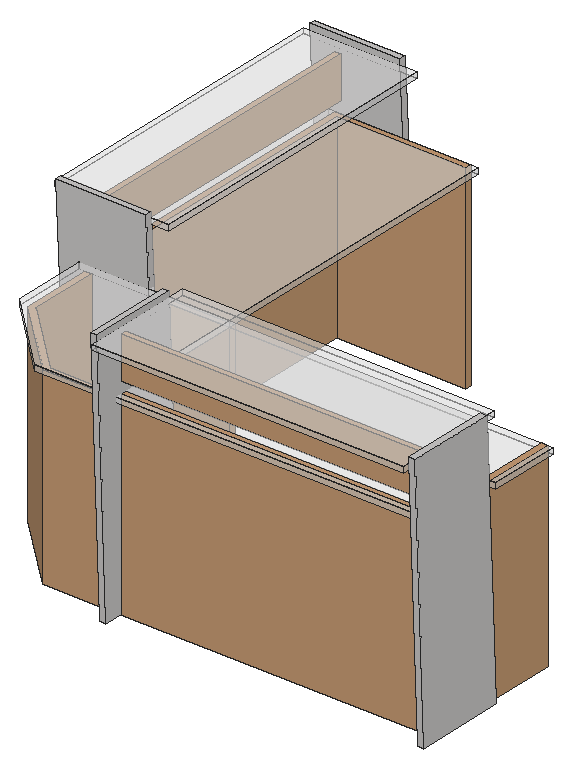
Revit family
Reference planes (in)
  plane 1 "Center F/B": y = 0
  plane 2: z = 0
  plane 3 "Center L/R": x = 0
  plane 4: z = 42
  plane 5: z = 32
  plane 6: z = 33
  plane 7: z = 20
  plane 8: z = 12
Forms (in)
  Extrusion 1, solid, material "Wood Panel"
    sketch origin (0, 2, 0) x (1, 0, 0) y (0, 1, 0)
      loop
        line (-1.41462, 24) -> (-1.41462, 74) -> (-24, 74) -> (-24, 24) -> (-1.41462, 24)
    from 0 to 42
  Extrusion 2, solid, material "Wood Panel"
    sketch origin (-23, 0, 0) x (0, -1, 0) y (1, 0, 0)
      loop
        line (0, 24) -> (0, 76) -> (-24, 76) -> (-24, 24) -> (0, 24)
    from 0 to 42
  Extrusion 3, solid, material "Wood Panel"
    sketch origin (0, 0, 0) x (1, 0, 0) y (0, 1, 0)
      loop
        line (-24, 24) -> (-24, 12) -> (-12, 0) -> (0, 0) -> (0, 24) -> (0, 25) -> (-12, 25) -> (-12, 24) -> (-24, 24)
    from 0 to 32
  Blend 4, solid, material "Steel Scuffed"
    base sketch origin (0, 0, 0) x (1, 0, 0) y (0, 1, 0)
      loop
        line (-12, 24) -> (-12, 25) -> (-27, 25) -> (-27, 24) -> (-12, 24)
    top sketch origin (0, 0, 0) x (1, 0, 0) y (0, 1, 0)
      loop
        line (-14, 25) -> (-29, 25) -> (-29, 24) -> (-14, 24) -> (-14, 25)
    from 0 to 44
  Blend 5, solid, material "Steel Scuffed"
    base sketch origin (-24, 24, 0) x (0, 1, 0) y (-1, 0, 0)
      loop
        line (-12, -24) -> (-27, -24) -> (-27, -25) -> (-12, -25) -> (-12, -24)
    top sketch origin (-24, 24, 0) x (0, 1, 0) y (-1, 0, 0)
      loop
        line (-14, -25) -> (-14, -24) -> (-29, -24) -> (-29, -25) -> (-14, -25)
    from 0 to 44
  Blend 6, solid, material "Steel Scuffed"
    base sketch origin (0, 53, 0) x (1, 0, 0) y (0, 1, 0)
      loop
        line (-12, 24) -> (-12, 25) -> (-27, 25) -> (-27, 24) -> (-12, 24)
    top sketch origin (0, 53, 0) x (1, 0, 0) y (0, 1, 0)
      loop
        line (-14, 25) -> (-29, 25) -> (-29, 24) -> (-14, 24) -> (-14, 25)
    from 0 to 44
  Blend 7, solid, material "Steel Scuffed"
    base sketch origin (29, 24, 0) x (0, 1, 0) y (-1, 0, 0)
      loop
        line (-12, -24) -> (-27, -24) -> (-27, -25) -> (-12, -25) -> (-12, -24)
    top sketch origin (29, 24, 0) x (0, 1, 0) y (-1, 0, 0)
      loop
        line (-14, -25) -> (-14, -24) -> (-29, -24) -> (-29, -25) -> (-14, -25)
    from 0 to 44
  Extrusion 8, void
    sketch origin (-1, 0, 0) x (1, 0, 0) y (0, 1, 0)
      loop
        line (2, 24) -> (2, 1) -> (53, 1) -> (53, 24) -> (2, 24)
    from 0 to 42
  Extrusion 9, solid, material "Glass Frosted"
    sketch origin (-24, -180, 42) x (-1, 0, 0) y (0, -1, 0)
      loop
        line (-13, -205) -> (-13, -257) -> (6, -257) -> (6, -205) -> (-13, -205)
    from 0 to 1
  Extrusion 10, solid, material "Glass Frosted"
    sketch origin (258, 0, 42) x (0, -1, 0) y (1, 0, 0)
      loop
        line (-13, -205) -> (-13, -257) -> (6, -257) -> (6, -205) -> (-13, -205)
    from 0 to 1
  Extrusion 11, void
    sketch origin (0, -2, 0) x (1, 0, 0) y (0, 1, 0)
      loop
        line (-23, 28) -> (0, 28) -> (0, 77) -> (-23, 77) -> (-23, 28)
    from 0 to 42
  Extrusion 12, solid, material "Glass Frosted"
    sketch origin (0, 76.5, 32) x (0, 1, 0) y (-1, 0, 0)
      loop
        line (-52.5, 0) -> (-0.5, 0) -> (-0.5, 25.13677) -> (-52.5, 25.13677) -> (-52.5, 0)
    from 0 to 1
  Extrusion 13, void
    sketch origin (480, 30, 33) x (0, -1, 0) y (1, 0, 0)
      loop
        line (5, -500.5) -> (-47, -500.5) -> (-47, -508) -> (5, -508) -> (5, -500.5)
    from 0 to 2
  Extrusion 14, solid, material "Glass Frosted"
    sketch origin (53, 24, 32) x (1, 0, 0) y (0, 1, 0)
      loop
        line (-53, 0) -> (-53, -25) -> (0, -25) -> (0, -12) -> (1, -12) -> (1, 0) -> (-53, 0)
    from 0 to 1
  Extrusion 15, void
    sketch origin (480, 30, 33) x (0, -1, 0) y (1, 0, 0)
      loop
        line (26.5, -479) -> (31.5, -479) -> (31.5, -427) -> (26.5, -427) -> (26.5, -479)
    from 0 to 2
  Extrusion 16, void
    sketch origin (480, 30, 33) x (0, -1, 0) y (1, 0, 0)
      loop
        line (-45, -480) -> (-46, -480) -> (-46, -503) -> (-45, -503) -> (-45, -480)
    from 0 to 9
  Extrusion 17, void
    sketch origin (0, 0, 0) x (1, 0, 0) y (0, 1, 0)
      loop
        line (-23, 24) -> (-23, 12.41421) -> (-11.58579, 1) -> (-1, 1) -> (-1, 24) -> (-23, 24)
    from 0 to 41
  Extrusion 18, solid, material "Glass Frosted"
    sketch origin (0, 78, 32) x (0, 1, 0) y (-1, 0, 0)
      loop
        line (-54, 25) -> (-66.41421, 25) -> (-79, 12.41421) -> (-79, 0) -> (-54, 0) -> (-54, 25)
    from 0 to 1
  Extrusion 19, void
    sketch origin (53, 24, 33) x (0, 1, 0) y (1, 0, 0)
      loop
        line (1, -1) -> (1, 0) -> (-24.5, 0) -> (-24.5, -1) -> (1, -1)
    from -11.91068 to 0
  Extrusion 20, solid
    sketch origin (0, 0, 0) x (1, 0, 0) y (0, 0, 1)
      loop
        line (52, 12) -> (52, 13) -> (1, 13) -> (1, 12) -> (52, 12)
    from -13 to -1
  Extrusion 21, solid
    sketch origin (0, 0, 8) x (1, 0, 0) y (0, 0, 1)
      loop
        line (52, 12) -> (52, 13) -> (1, 13) -> (1, 12) -> (52, 12)
    from -13 to -1
Cuts and joins
  Extrusion 8, Extrusion 15, Extrusion 19 cuts Extrusion 2
  Extrusion 8, Extrusion 15 cuts Blend 5
  Extrusion 8, Extrusion 15, Extrusion 19 cuts Blend 7
  Extrusion 11, Extrusion 13, Extrusion 16 cuts Extrusion 1
  Extrusion 11, Extrusion 17 cuts Extrusion 3
  Extrusion 11, Extrusion 13, Extrusion 17 cuts Blend 4
  Extrusion 11, Extrusion 13 cuts Blend 6
  Extrusion 11 cuts Extrusion 9
  Extrusion 13, Extrusion 16 cuts Extrusion 12
  Extrusion 15, Extrusion 19 cuts Extrusion 14
